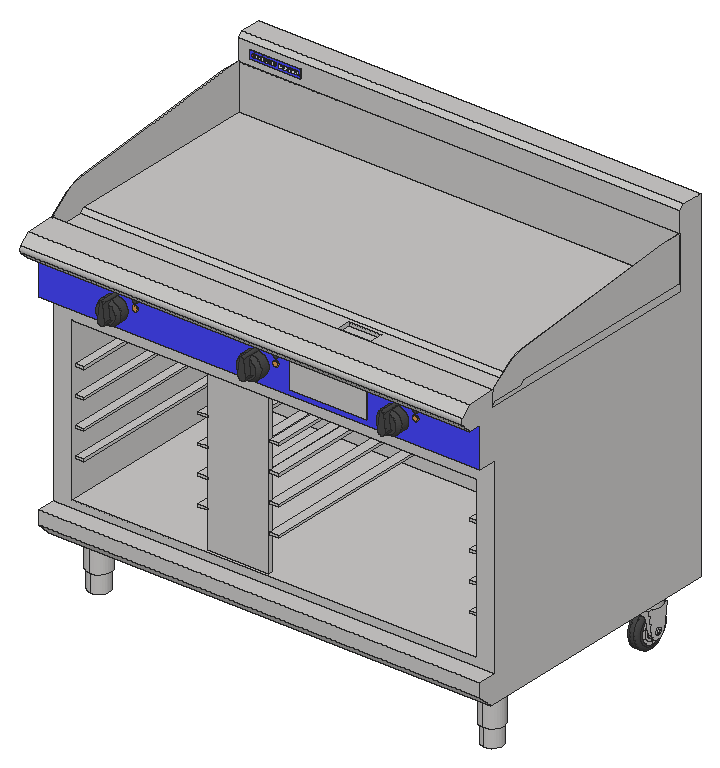
Revit family "QF_MOFFAT_BLUESEAL_AU_EP518-CB", category Specialty Equipment, Revit 2012
Parameters
  Weight in Pounds = 396  # constant formula
  Watts = 16200 W
  Volts = 400 V
  URL Cutsheet = "www.moffat.com"
  URL = "www.moffat.com"
  Type Mark [instance] = ""
  Status [instance] = ""
  Specification by User [instance] = ""
  Specification by Manufacturer = ""
  Show Logo [instance] = yes
  Show Casters [instance] = yes
  Serial Number = ""
  Seismic Rating = ""
  SMACNA No = ""
  Revision Code [instance] = ""
  Phase = 3
  Omniclass Number and Title = ""
  Number of Poles [instance] = 1
  NAFEM Spec ID Number = ""
  Model = "EP518-CB"
  Min Ckt Ampacity = 0 A
  Max Overcurrent Protection = 0 A
  Masterspec = ""
  Manufacturer = "MOFFAT BLUESEAL"
  Legs [instance] = not(Show Casters)  # no
  Item Number [instance] = ""
  Installed By [instance] = ""
  Identify Quantity as Lot [instance] = yes
  HP = ""
  Furnished By [instance] = ""
  Foodservice Equipment Identifier [instance] = yes
  FL Amps = 25 A
  Electrical Remarks = "25A PER PHASE"
  Electric Connection Type = ""
  Elec Conn RI Height = 0.0 mm
  Elec Conn Connection Height = 0.0 mm
  Description = "1200MM ELECTRIC GRIDDLE PLATE ON CABINET BASE"
  Cycle = 50 Hz
  Conn Plug = ""
  Conn Conduit = yes
  CSI MasterFormat = ""
  CSI Master Format = ""
  Body Height [instance] = 915.0 mm
  Base Height [instance] = 150.0 mm
  Apparent Power = if(Phase = 3, Volts * FL Amps * 1.73, Volts * FL Amps)  # 17300 VA
Reference planes
  plane 1 "BACK": y = 0
  plane 2: z = 0
  plane 3 "LEFT": x = 0
  plane 4 "RIGHT": x = 1200
  plane 5 "FRONT": y = -812
  plane 6 "TOP": z = 970
  plane 7 "Center Y": x = 600
  plane 8 "Center X": y = -406
  plane 9 "Base Height": z = 150
  plane 10: x = 1134
  plane 11: x = 65
  plane 12: z = 915
  plane 13: z = 1085
  plane 14: y = -100
  plane 15: y = -625
Forms (mm)
  Extrusion 1, solid, material "QF_Finishes_Stainless Steel"
    sketch origin (0, 0, 0) x (0, 1, 0) y (0, 0, 1)
      loop
        line (0, 150) -> (0, 1085) -> (-57.5, 1085) -> (-70, 1072.5) -> (-70, 875) -> (-705, 875) -> (-705, 915) -> (-783.97, 915) -> (-808.485, 890.485)
        arc (-808.485, 890.485) -> (-811.999, 882) -> (-808.485, 873.515) r 12
        line (-808.485, 873.515) -> (-784.97, 850) -> (-749, 850) -> (-749, 740) -> (-135.7, 740) -> (-135.7, 150) -> (0, 150)
      loop
        line (-699, 222.5) -> (-749, 222.5) -> (-749, 186) -> (-713, 150) -> (-699, 150) -> (-699, 222.5)
    from 0 to 1200
  Extrusion 2, solid, material "QF_Finishes_Stainless Steel"
    sketch origin (705, 3, 100) x (1, 0, 0) y (0, 1, 0)
      loop
        circle (365, -35) r 13.5
    from 555 to 599.856
  Revolve 3, solid, material "QF_Finishes_Stainless Steel"
    sketch origin (65, -728, 0) x (0, 1, 0) y (0, 0, 1)
      loop
        line (71.25, 150) -> (71.25, 50) -> (75.5, 50) -> (75.5, 0) -> (103, 0) -> (103, 150) -> (71.25, 150)
      axis (103, 150) -> (103, 0)
    angle from 0 to 360
  Revolve 4, solid, material "QF_Finishes_Stainless Steel"
    sketch origin (1134, -728, 0) x (0, 1, 0) y (0, 0, -1)
      loop
        line (71.25, -150) -> (103, -150) -> (103, 0) -> (75.5, 0) -> (75.5, -50) -> (71.25, -50) -> (71.25, -150)
      axis (103, -150) -> (103, 0)
    angle from 0 to 360
  Extrusion 5, solid, material "QF_Finishes_Stainless Steel"
    sketch origin (0, 0, 0) x (1, 0, 0) y (0, 0, 1)
      loop
        line (0, 740) -> (0, 150) -> (1200, 150) -> (1200, 740) -> (0, 740)
      loop
        line (50, 680) -> (50, 242.5) -> (1150, 242.5) -> (1150, 680) -> (50, 680)
    from 135.7 to 699
  Extrusion 6, void
    sketch origin (0, 0, 150) x (-1, 0, 0) y (0, -1, 0)
      loop
        line (-1133.988, 87.26) -> (-1133.988, -30.24) -> (-1004.488, -30.24) -> (-1004.488, 38.76) -> (-1052.988, 87.26) -> (-1133.988, 87.26)
    from 72.5 to 549.856
  Extrusion 7, solid, material "QF_Finishes_Stainless Steel"
    sketch origin (0, -135.7, 735) x (0, 0, 1) y (-1, 0, 0)
      loop
        line (-50, -578.5) -> (-50, -412.5) -> (-492.5, -412.5) -> (-492.5, -578.5) -> (-50, -578.5)
    from 543.302 to 553.302
  Extrusion 8, solid, material "QF_Finishes_Stainless Steel"
    sketch origin (0, -135.7, 735) x (0, 0, 1) y (-1, 0, 0)
      loop
        line (-246.25, -410.75) -> (-239.9, -410.75) -> (-239.9, -385.75) -> (-246.25, -385.75) -> (-246.25, -410.75)
      loop
        line (-321.25, -410.75) -> (-314.9, -410.75) -> (-314.9, -385.75) -> (-321.25, -385.75) -> (-321.25, -410.75)
      loop
        line (-321.25, -50) -> (-321.25, -75) -> (-314.9, -75) -> (-314.9, -50) -> (-321.25, -50)
      loop
        line (-239.9, -75) -> (-239.9, -50) -> (-246.25, -50) -> (-246.25, -75) -> (-239.9, -75)
      loop
        line (-396.25, -410.75) -> (-389.9, -410.75) -> (-389.9, -385.75) -> (-396.25, -385.75) -> (-396.25, -410.75)
      loop
        line (-396.25, -50) -> (-396.25, -75) -> (-389.9, -75) -> (-389.9, -50) -> (-396.25, -50)
      loop
        line (-171.25, -410.75) -> (-164.9, -410.75) -> (-164.9, -385.75) -> (-171.25, -385.75) -> (-171.25, -410.75)
      loop
        line (-164.9, -75) -> (-164.9, -50) -> (-171.25, -50) -> (-171.25, -75) -> (-164.9, -75)
      loop
        line (-246.25, -579.25) -> (-246.25, -604.25) -> (-239.9, -604.25) -> (-239.9, -579.25) -> (-246.25, -579.25)
      loop
        line (-321.25, -579.25) -> (-321.25, -604.25) -> (-314.9, -604.25) -> (-314.9, -579.25) -> (-321.25, -579.25)
      loop
        line (-321.25, -1150) -> (-314.9, -1150) -> (-314.9, -1125) -> (-321.25, -1125) -> (-321.25, -1150)
      loop
        line (-239.9, -1125) -> (-246.25, -1125) -> (-246.25, -1150) -> (-239.9, -1150) -> (-239.9, -1125)
      loop
        line (-396.25, -579.25) -> (-396.25, -604.25) -> (-389.9, -604.25) -> (-389.9, -579.25) -> (-396.25, -579.25)
      loop
        line (-396.25, -1150) -> (-389.9, -1150) -> (-389.9, -1125) -> (-396.25, -1125) -> (-396.25, -1150)
      loop
        line (-171.25, -579.25) -> (-171.25, -604.25) -> (-164.9, -604.25) -> (-164.9, -579.25) -> (-171.25, -579.25)
      loop
        line (-164.9, -1125) -> (-171.25, -1125) -> (-171.25, -1150) -> (-164.9, -1150) -> (-164.9, -1125)
    from 0 to 553.302
  Revolve 9, solid, material "QF_Finishes_Black"
    sketch origin (217.5, 7, 757.8) x (0, 1, 0) y (0, 0, -1)
      loop
        line (-789, -69.5) -> (-766, -69.5) -> (-766, -42) -> (-756, -42) -> (-756, -37) -> (-800, -37) -> (-800, -63.651) -> (-789, -69.5)
      axis (-800, -37) -> (-756, -37)
    angle from 0 to 360
  Extrusion 10, solid, material "QF_Finishes_Black"
    sketch origin (355.77, 0, 757.958) x (-1, 0, 0) y (0, 0, -1)
      loop
        line (127.85, -26.064) -> (133.27, -68.983)
        arc (133.27, -68.983) -> (138.269, -73.87) -> (143.267, -68.983) r 5
        line (143.267, -68.983) -> (148.756, -24.898)
        arc (148.756, -24.898) -> (137.684, -14.399) -> (127.85, -26.064) r 10.487
    from 759 to 808
  Revolve 11, solid, material "QF_Finishes_Black"
    sketch origin (600, 7, 757.8) x (0, 1, 0) y (0, 0, -1)
      loop
        line (-789, -69.5) -> (-766, -69.5) -> (-766, -42) -> (-756, -42) -> (-756, -37) -> (-800, -37) -> (-800, -63.651) -> (-789, -69.5)
      axis (-800, -37) -> (-756, -37)
    angle from 0 to 360
  Extrusion 12, solid, material "QF_Finishes_Black"
    sketch origin (738.27, 0, 757.958) x (-1, 0, 0) y (0, 0, -1)
      loop
        line (127.85, -26.064) -> (133.27, -68.983)
        arc (133.27, -68.983) -> (138.269, -73.87) -> (143.267, -68.983) r 5
        line (143.267, -68.983) -> (148.756, -24.898)
        arc (148.756, -24.898) -> (137.684, -14.399) -> (127.85, -26.064) r 10.487
    from 759 to 808
  Revolve 13, solid, material "QF_Finishes_Stainless Steel", visible <- "Legs"
    sketch origin (65.5, -166, 0) x (0, 1, 0) y (0, 0, 1)
      loop
        line (34.25, 150) -> (34.25, 50) -> (38.5, 50) -> (38.5, 0) -> (66, 0) -> (66, 150) -> (34.25, 150)
      axis (66, 150) -> (66, 0)
    angle from 0 to 360
  Revolve 14, solid, material "QF_Finishes_Stainless Steel", visible <- "Show Casters"
    sketch origin (16.276, -100.755, -12.8) x (1, 0, 0) y (0, 0, 1)
      loop
        line (14.841, 63.604) -> (83.584, 63.604) -> (83.584, 67.109) -> (82.314, 68.379) -> (80.79, 68.379) -> (80.79, 71.826) -> (68.644, 71.826) -> (68.644, 81.79) -> (65.088, 83.843) -> (63.738, 92.179) -> (65.881, 92.179) -> (65.881, 98.529) -> (65.088, 98.529) -> (65.088, 104.879)
        arc (65.088, 104.879) -> (62.298, 111.614) -> (55.563, 114.404) r 9.525
        line (55.563, 114.404) -> (42.863, 114.404)
        arc (42.863, 114.404) -> (36.127, 111.614) -> (33.338, 104.879) r 9.525
        line (33.338, 104.879) -> (33.338, 98.529) -> (32.544, 98.529) -> (32.544, 92.179) -> (34.687, 92.179) -> (33.352, 83.932) -> (29.782, 81.871) -> (29.782, 71.826) -> (17.635, 71.826) -> (17.635, 68.379) -> (16.111, 68.379) -> (14.841, 67.109) -> (14.841, 63.604)
      axis (14.841, 63.604) -> (83.584, 63.604)
    angle from 0 to 360
  Extrusion 15, solid, material "QF_Finishes_Stainless Steel", visible <- "Show Casters"
    sketch origin (72.001, 132.353, -8.783) x (0, 1, 0) y (0, 0, 1)
      loop
        line (-200.603, 118.783) -> (-264.103, 118.783) -> (-251.746, 53.895)
        arc (-251.746, 53.895) -> (-232.353, 38.783) -> (-212.959, 53.895) r 20
        line (-212.959, 53.895) -> (-200.603, 118.783)
    from -35.667 to 22.923
  Revolve 16, solid, material "QF_Finishes_Stainless Steel", visible <- "Show Casters"
    sketch origin (65.5, -204, 0) x (0, 1, 0) y (0, 0, 1)
      loop
        line (68.25, 150) -> (68.25, 110) -> (104, 110) -> (104, 150) -> (68.25, 150)
      axis (104, 150) -> (104, 110)
    angle from 0 to 360
  Revolve 17, solid, material "QF_Finishes_Stainless Steel", visible <- "Legs"
    sketch origin (65.5, -166, 0) x (0, 1, 0) y (0, 0, 1)
      loop
        line (34.25, 150) -> (34.25, 50) -> (38.5, 50) -> (38.5, 0) -> (66, 0) -> (66, 150) -> (34.25, 150)
      axis (66, 150) -> (66, 0)
    angle from 0 to 360
  Revolve 18, solid, material "QF_Finishes_Stainless Steel", visible <- "Legs"
    sketch origin (1134.5, -166, 0) x (0, 1, 0) y (0, 0, -1)
      loop
        line (34.25, -150) -> (66, -150) -> (66, 0) -> (38.5, 0) -> (38.5, -50) -> (34.25, -50) -> (34.25, -150)
      axis (66, -150) -> (66, 0)
    angle from 0 to 360
  Revolve 19, solid, material "QF_Finishes_Stainless Steel", visible <- "Show Casters"
    sketch origin (1183.724, -100.755, -12.8) x (-1, 0, 0) y (0, 0, -1)
      loop
        line (14.841, -63.604) -> (14.841, -67.109) -> (16.111, -68.379) -> (17.635, -68.379) -> (17.635, -71.826) -> (29.782, -71.826) -> (29.782, -81.871) -> (33.352, -83.932) -> (34.687, -92.179) -> (32.544, -92.179) -> (32.544, -98.529) -> (33.338, -98.529) -> (33.338, -104.879)
        arc (33.338, -104.879) -> (36.127, -111.614) -> (42.863, -114.404) r 9.525
        line (42.863, -114.404) -> (55.563, -114.404)
        arc (55.563, -114.404) -> (62.298, -111.614) -> (65.088, -104.879) r 9.525
        line (65.088, -104.879) -> (65.088, -98.529) -> (65.881, -98.529) -> (65.881, -92.179) -> (63.738, -92.179) -> (65.088, -83.843) -> (68.644, -81.79) -> (68.644, -71.826) -> (80.79, -71.826) -> (80.79, -68.379) -> (82.314, -68.379) -> (83.584, -67.109) -> (83.584, -63.604) -> (14.841, -63.604)
      axis (14.841, -63.604) -> (83.584, -63.604)
    angle from 0 to 360
  Extrusion 20, solid, material "QF_Finishes_Stainless Steel", visible <- "Show Casters"
    sketch origin (1127.999, 132.353, -8.783) x (0, 1, 0) y (0, 0, -1)
      loop
        line (-200.603, -118.783) -> (-212.959, -53.895)
        arc (-212.959, -53.895) -> (-232.353, -38.783) -> (-251.746, -53.895) r 20
        line (-251.746, -53.895) -> (-264.103, -118.783) -> (-200.603, -118.783)
    from -35.667 to 22.923
  Revolve 21, solid, material "QF_Finishes_Stainless Steel", visible <- "Show Casters"
    sketch origin (1134.5, -204, 0) x (0, 1, 0) y (0, 0, -1)
      loop
        line (68.25, -150) -> (104, -150) -> (104, -110) -> (68.25, -110) -> (68.25, -150)
      axis (104, -150) -> (104, -110)
    angle from 0 to 360
  Revolve 22, solid, material "QF_Finishes_Stainless Steel", visible <- "Legs"
    sketch origin (1134.5, -166, 0) x (0, 1, 0) y (0, 0, -1)
      loop
        line (34.25, -150) -> (66, -150) -> (66, 0) -> (38.5, 0) -> (38.5, -50) -> (34.25, -50) -> (34.25, -150)
      axis (66, -150) -> (66, 0)
    angle from 0 to 360
  Extrusion 23, solid, material "QF_Finishes_Orange"
    sketch origin (0, -749, 850) x (0, 0, -1) y (1, 0, 0)
      loop
        circle (45.2, 1025.121) r 7.15
      loop
        circle (45.2, 645.005) r 7.15
      loop
        circle (45.2, 262.505) r 7.15
    from 0 to 1
  Revolve 24, solid, material "QF_Finishes_Black"
    sketch origin (980.116, 7, 757.8) x (0, 1, 0) y (0, 0, -1)
      loop
        line (-789, -69.5) -> (-766, -69.5) -> (-766, -42) -> (-756, -42) -> (-756, -37) -> (-800, -37) -> (-800, -63.651) -> (-789, -69.5)
      axis (-800, -37) -> (-756, -37)
    angle from 0 to 360
  Extrusion 25, solid, material "QF_Finishes_Black"
    sketch origin (1118.385, 0, 757.958) x (-1, 0, 0) y (0, 0, -1)
      loop
        line (127.85, -26.064) -> (133.27, -68.983)
        arc (133.27, -68.983) -> (138.269, -73.87) -> (143.267, -68.983) r 5
        line (143.267, -68.983) -> (148.756, -24.898)
        arc (148.756, -24.898) -> (137.684, -14.399) -> (127.85, -26.064) r 10.487
    from 759 to 808
  Extrusion 26, solid, material "QF_Finishes_Black"
    sketch origin (0, -749, 850) x (0, 0, -1) y (1, 0, 0)
      loop
        circle (25.2, 1025.121) r 7.15
      loop
        circle (25.2, 645.005) r 7.15
      loop
        circle (25.2, 262.505) r 7.15
    from 0 to 1
  Extrusion 27, solid, material "QF_Finishes_Stainless Steel"
    sketch origin (0, -749, 850) x (0, 0, -1) y (1, 0, 0)
      loop
        line (9.201, 893) -> (9.201, 683) -> (96.1, 683) -> (96.1, 893) -> (9.201, 893)
    from 0 to 1
  Extrusion 28, solid, material "QF_Finishes_Black"
    sketch origin (0, -750, 850) x (0, 0, -1) y (1, 0, 0)
      loop
        line (9.201, 893) -> (9.201, 683) -> (14.201, 683) -> (14.201, 893) -> (9.201, 893)
    from 0 to 10
Cuts and joins
  Extrusion 6 cuts Extrusion 1
  joined: Extrusion 1, Extrusion 5
Lines and regions (mm)
  Split face 1
    outline origin (1200, 0, 1085) x (-1, 0, 0) y (0, -1, 0)
      loop
        arc (1167.206, 18.385) -> (1175.866, 23.385) -> (1175.866, 33.385) r 10
        line (1175.866, 33.385) -> (1171.824, 40.385)
        arc (1171.824, 40.385) -> (1168.164, 44.045) -> (1163.164, 45.385) r 10
        line (1163.164, 45.385) -> (935.206, 45.385)
        arc (935.206, 45.385) -> (926.545, 40.385) -> (926.545, 30.385) r 10
        line (926.545, 30.385) -> (930.587, 23.385)
        arc (930.587, 23.385) -> (934.247, 19.725) -> (939.247, 18.385) r 10
        line (939.247, 18.385) -> (1167.206, 18.385)
  Split face 2
    outline origin (1200, 0, 1085) x (-1, 0, 0) y (0, -1, 0)
      loop
        arc (35.206, 45.385) -> (26.545, 40.385) -> (26.545, 30.385) r 10
        line (26.545, 30.385) -> (30.587, 23.385)
        arc (30.587, 23.385) -> (34.247, 19.725) -> (39.247, 18.385) r 10
        line (39.247, 18.385) -> (267.206, 18.385)
        arc (267.206, 18.385) -> (275.866, 23.385) -> (275.866, 33.385) r 10
        line (275.866, 33.385) -> (271.824, 40.385)
        arc (271.824, 40.385) -> (268.164, 44.045) -> (263.164, 45.385) r 10
        line (263.164, 45.385) -> (35.206, 45.385)
  Split face 3
    outline origin (1200, 0, 1085) x (-1, 0, 0) y (0, -1, 0)
      loop
        arc (335.206, 45.385) -> (326.545, 40.385) -> (326.545, 30.385) r 10
        line (326.545, 30.385) -> (330.587, 23.385)
        arc (330.587, 23.385) -> (334.247, 19.725) -> (339.247, 18.385) r 10
        line (339.247, 18.385) -> (567.206, 18.385)
        arc (567.206, 18.385) -> (575.866, 23.385) -> (575.866, 33.385) r 10
        line (575.866, 33.385) -> (571.824, 40.385)
        arc (571.824, 40.385) -> (568.164, 44.045) -> (563.164, 45.385) r 10
        line (563.164, 45.385) -> (335.206, 45.385)
  Split face 4
    outline origin (1200, 0, 1085) x (-1, 0, 0) y (0, -1, 0)
      loop
        arc (867.206, 18.385) -> (875.866, 23.385) -> (875.866, 33.385) r 10
        line (875.866, 33.385) -> (871.824, 40.385)
        arc (871.824, 40.385) -> (868.164, 44.045) -> (863.164, 45.385) r 10
        line (863.164, 45.385) -> (635.206, 45.385)
        arc (635.206, 45.385) -> (626.545, 40.385) -> (626.545, 30.385) r 10
        line (626.545, 30.385) -> (630.587, 23.385)
        arc (630.587, 23.385) -> (634.247, 19.725) -> (639.247, 18.385) r 10
        line (639.247, 18.385) -> (867.206, 18.385)
  symbolic lines
    curve 1: line (1200, -812, 0) -> (1200, 0, 0)
    curve 2: line (0, -812, 0) -> (1200, -812, 0)
    curve 3: line (0, 0, 0) -> (0, -812, 0)
    curve 12: line (632.794, -18.385, 0) -> (860.753, -18.385, 0)
    curve 13: line (560.753, -18.385, 0) -> (332.794, -18.385, 0)
    curve 14: arc (332.794, -18.385, 0) -> (324.134, -23.385, 0) -> (324.134, -33.385, 0) r 10
    curve 15: line (324.134, -33.385, 0) -> (328.176, -40.385, 0)
    curve 16: arc (328.176, -40.385, 0) -> (331.836, -44.045, 0) -> (336.836, -45.385, 0) r 10
    curve 17: line (336.836, -45.385, 0) -> (564.794, -45.385, 0)
    curve 18: arc (564.794, -45.385, 0) -> (573.455, -40.385, 0) -> (573.455, -30.385, 0) r 10
    curve 19: line (573.455, -30.385, 0) -> (569.413, -23.385, 0)
    curve 20: arc (569.413, -23.385, 0) -> (565.753, -19.725, 0) -> (560.753, -18.385, 0) r 10
    curve 21: line (32.794, -18.385, 0) -> (260.753, -18.385, 0)
    curve 22: arc (260.753, -18.385, 0) -> (265.753, -19.725, 0) -> (269.413, -23.385, 0) r 10
    curve 23: line (269.413, -23.385, 0) -> (273.455, -30.385, 0)
    curve 24: arc (273.455, -30.385, 0) -> (273.455, -40.385, 0) -> (264.794, -45.385, 0) r 10
    curve 25: line (264.794, -45.385, 0) -> (36.836, -45.385, 0)
    curve 26: arc (36.836, -45.385, 0) -> (31.836, -44.045, 0) -> (28.176, -40.385, 0) r 10
    curve 27: line (28.176, -40.385, 0) -> (24.134, -33.385, 0)
    curve 28: arc (24.134, -33.385, 0) -> (24.134, -23.385, 0) -> (32.794, -18.385, 0) r 10
    curve 29: line (932.794, -18.385, 0) -> (1160.753, -18.385, 0)
    curve 30: arc (1160.753, -18.385, 0) -> (1165.753, -19.725, 0) -> (1169.413, -23.385, 0) r 10
    curve 31: line (1169.413, -23.385, 0) -> (1173.455, -30.385, 0)
    curve 32: arc (1173.455, -30.385, 0) -> (1173.455, -40.385, 0) -> (1164.794, -45.385, 0) r 10
    curve 33: line (1164.794, -45.385, 0) -> (936.836, -45.385, 0)
    curve 34: arc (936.836, -45.385, 0) -> (931.836, -44.045, 0) -> (928.176, -40.385, 0) r 10
    curve 35: line (928.176, -40.385, 0) -> (924.134, -33.385, 0)
    curve 36: arc (924.134, -33.385, 0) -> (924.134, -23.385, 0) -> (932.794, -18.385, 0) r 10
    curve 37: line (636.836, -45.385, 0) -> (864.794, -45.385, 0)
    curve 38: arc (864.794, -45.385, 0) -> (873.455, -40.385, 0) -> (873.455, -30.385, 0) r 10
    curve 39: line (873.455, -30.385, 0) -> (869.413, -23.385, 0)
    curve 40: arc (869.413, -23.385, 0) -> (865.753, -19.725, 0) -> (860.753, -18.385, 0) r 10
    curve 41: line (860.753, -18.385, 0) -> (632.794, -18.385, 0)
    curve 42: arc (632.794, -18.385, 0) -> (624.134, -23.385, 0) -> (624.134, -33.385, 0) r 10
    curve 43: line (624.134, -33.385, 0) -> (628.176, -40.385, 0)
    curve 44: arc (628.176, -40.385, 0) -> (631.836, -44.045, 0) -> (636.836, -45.385, 0) r 10
    curve 45: line (0, 0, 0) -> (1200, 0, 0)
    curve 46: line (0, -783.97, 0) -> (1200, -783.97, 0)
    curve 47: line (-1, -705, 0) -> (1199, -705, 0)
    curve 48: line (0, -70, 0) -> (1200, -70, 0)
    curve 49: line (0, -57.5, 0) -> (1200, -57.5, 0)
  symbolic lines, style "SpecialityEquipmentHiddenLines", visible <- "Show Casters"
    curve 4: line (78.456, -46.735, 0) -> (105.952, -62.61, 0)
    curve 5: line (27.656, -134.723, 0) -> (78.456, -46.735, 0)
    curve 6: line (55.152, -150.598, 0) -> (27.656, -134.723, 0)
    curve 7: line (105.952, -62.61, 0) -> (55.152, -150.598, 0)
    curve 8: line (1148.456, -46.735, 0) -> (1175.952, -62.61, 0)
    curve 9: line (1097.656, -134.723, 0) -> (1148.456, -46.735, 0)
    curve 10: line (1125.152, -150.598, 0) -> (1097.656, -134.723, 0)
    curve 11: line (1175.952, -62.61, 0) -> (1125.152, -150.598, 0)
Dimensions and locks
  equal spacing: plane 3 "LEFT", plane 7 "Center Y", plane 4 "RIGHT"
  plane 3 "LEFT" to plane 4 "RIGHT" = 1200.0 mm
  equal spacing: plane 5 "FRONT", plane 8 "Center X", plane 1 "BACK"
  plane 5 "FRONT" to plane 1 "BACK" = 812.0 mm
  "Base Height": plane 9 "Base Height" to level
  plane 6 "TOP" to level = 970.0 mm
  plane 10 to plane 11 = 1069.0 mm
  level to Extrusion 2 = 655.0 mm
  Extrusion 6 to Extrusion 6 = 477.356 mm
  plane 13 to plane 2 = 1085.0 mm
  Extrusion 2 sketch curve to plane 1 "BACK" = 32.0 mm
  Revolve 14 sketch curve to Revolve 14 sketch curve = 50.8 mm
  Revolve 19 sketch curve to Revolve 19 sketch curve = 50.8 mm
  aligned and locked: level to plane 2
Automatic sketch dimensions
  curve 2 to plane 3 "LEFT" = 0.0 mm
  curve 2 to plane 4 "RIGHT" = 0.0 mm
  plane 5 "FRONT" to curve 3 = 0.0 mm
  plane 1 "BACK" to curve 3 = 0.0 mm
  curve 47 to plane 3 "LEFT" = 1.0 mm
  plane 3 "LEFT" to curve 27 = 24.134 mm
  plane 3 "LEFT" to curve 5 = 27.656 mm
  curve 28 to curve 27 = 4.041 mm
  curve 28 to curve 28 = 8.66 mm
  curve 26 to curve 25 = 8.66 mm
  curve 7 to plane 11 = 9.848 mm
  plane 11 to curve 4 = 13.456 mm
  plane 1 "BACK" to curve 22 = 28.385 mm
  curve 4 to curve 22 = 154.801 mm
  curve 22 to curve 25 = 4.041 mm
  plane 1 "BACK" to curve 23 = 23.385 mm
  curve 22 to curve 23 = 8.66 mm
  plane 1 "BACK" to curve 23 = 30.385 mm
  curve 22 to curve 23 = 4.041 mm
  curve 23 to curve 14 = 50.679 mm
  plane 1 "BACK" to curve 15 = 40.385 mm
  curve 15 to curve 15 = 4.041 mm
  curve 14 to curve 13 = 8.66 mm
  curve 15 to curve 17 = 8.66 mm
  curve 20 to plane 7 "Center Y" = 39.247 mm
  curve 20 to curve 17 = 4.041 mm
  curve 20 to curve 19 = 8.66 mm
  curve 19 to curve 18 = 4.041 mm
  plane 7 "Center Y" to curve 42 = 24.134 mm
  curve 42 to curve 44 = 4.041 mm
  curve 43 to curve 42 = 8.66 mm
  curve 44 to curve 37 = 8.66 mm
  plane 1 "BACK" to curve 40 = 18.385 mm
  curve 44 to curve 40 = 223.917 mm
  curve 40 to curve 38 = 4.041 mm
  curve 40 to curve 40 = 8.66 mm
  curve 39 to curve 38 = 4.041 mm
  plane 1 "BACK" to curve 35 = 33.385 mm
  curve 39 to curve 35 = 50.679 mm
  plane 1 "BACK" to curve 35 = 40.385 mm
  curve 36 to curve 35 = 4.041 mm
  curve 36 to curve 36 = 8.66 mm
  curve 36 to curve 34 = 4.041 mm
  curve 10 to plane 10 = 36.344 mm
  curve 11 to plane 10 = 8.848 mm
  plane 10 to curve 8 = 14.456 mm
  plane 10 to curve 29 = 26.753 mm
  curve 8 to curve 33 = 16.339 mm
  curve 29 to curve 30 = 8.66 mm
  curve 31 to curve 31 = 4.041 mm
  plane 4 "RIGHT" to curve 47 = 1.0 mm
  curve 46 to plane 5 "FRONT" = 28.03 mm
  curve 46 to curve 47 = 78.97 mm
  plane 14 to curve 7 = 50.598 mm
  plane 14 to curve 10 = 50.598 mm
  curve 10 to curve 10 = 15.875 mm
  curve 6 to curve 5 = 15.875 mm
  curve 48 to plane 14 = 30.0 mm
  curve 48 to curve 49 = 12.5 mm
  curve 37 to curve 12 = 27.0 mm
  curve 25 to curve 21 = 27.0 mm
  curve 16 to curve 15 = 5.0 mm
  curve 34 to curve 34 = 5.0 mm
  curve 25 to curve 27 = 5.0 mm
  curve 37 to curve 44 = 5.0 mm
  curve 33 to curve 32 = 10.0 mm
  curve 17 to curve 18 = 10.0 mm
  curve 37 to curve 38 = 10.0 mm
  curve 26 to curve 27 = 7.0 mm
  curve 16 to curve 14 = 7.0 mm  (x2)
  curve 43 to curve 43 = 7.0 mm
  curve 38 to curve 40 = 7.0 mm
  curve 18 to curve 20 = 7.0 mm
  curve 34 to curve 36 = 7.0 mm
  curve 32 to curve 30 = 7.0 mm
  Extrusion 1 sketch curve to plane 12 = 0.0 mm
  Extrusion 1 sketch curve to plane 9 "Base Height" = 0.0 mm  (x2)
  Extrusion 1 sketch curve to plane 13 = 0.0 mm
  Extrusion 1 sketch curve to plane 1 "BACK" = 0.0 mm
  Extrusion 1 sketch curve to plane 14 = 42.5 mm
  Extrusion 1 sketch curve to plane 13 = 12.5 mm
  Extrusion 1 sketch curve to Extrusion 1 sketch curve = 12.5 mm
  plane 14 to Extrusion 1 sketch curve = 35.7 mm
  plane 15 to Extrusion 1 sketch curve = 74.0 mm
  Extrusion 1 sketch curve to plane 12 = 40.0 mm
  plane 15 to Extrusion 1 sketch curve = 80.0 mm
  Extrusion 1 sketch curve to Extrusion 1 sketch curve = 14.0 mm
  Extrusion 1 sketch curve to plane 5 "FRONT" = 63.0 mm
  Extrusion 1 sketch curve to Extrusion 1 sketch curve = 50.0 mm
  Extrusion 1 sketch curve to plane 5 "FRONT" = 28.03 mm
  Extrusion 1 sketch curve to plane 5 "FRONT" = 27.03 mm
  Extrusion 1 sketch curve to plane 5 "FRONT" = 12.001 mm
  Extrusion 1 sketch curve to plane 5 "FRONT" = 3.515 mm  (x2)
  plane 9 "Base Height" to Extrusion 1 sketch curve = 36.0 mm
  Extrusion 1 sketch curve to Extrusion 1 sketch curve = 36.5 mm
  Extrusion 1 sketch curve to Extrusion 1 sketch curve = 135.0 mm
  Extrusion 1 sketch curve to Extrusion 1 sketch curve = 25.0 mm
  Extrusion 1 sketch curve to Extrusion 1 sketch curve = 23.515 mm
  Extrusion 1 sketch curve to Extrusion 1 sketch curve = 8.485 mm
  Extrusion 2 sketch curve to plane 10 = 64.0 mm
  Revolve 3 sketch curve to plane 9 "Base Height" = 0.0 mm
  Revolve 3 sketch curve to level = 0.0 mm
  Revolve 3 sketch curve to plane 15 = 0.0 mm  (x2)
  plane 15 to Revolve 3 sketch curve = 27.5 mm
  plane 15 to Revolve 3 sketch curve = 31.75 mm
  Revolve 3 sketch curve to Revolve 3 sketch curve = 55.0 mm
  level to Revolve 3 sketch curve = 50.0 mm
  Revolve 3 sketch curve to Revolve 3 sketch curve = 0.0 mm
  Revolve 4 sketch curve to plane 9 "Base Height" = 0.0 mm
  Revolve 4 sketch curve to level = 0.0 mm
  Revolve 4 sketch curve to plane 15 = 0.0 mm  (x2)
  plane 15 to Revolve 4 sketch curve = 27.5 mm
  plane 15 to Revolve 4 sketch curve = 31.75 mm
  level to Revolve 4 sketch curve = 50.0 mm
  Revolve 4 sketch curve to Revolve 4 sketch curve = 0.0 mm
  Revolve 4 sketch curve to Revolve 4 sketch curve = 55.0 mm
  Extrusion 5 sketch curve to plane 3 "LEFT" = 0.0 mm
  plane 4 "RIGHT" to Extrusion 5 sketch curve = 0.0 mm
  Extrusion 5 sketch curve to plane 9 "Base Height" = 0.0 mm
  Extrusion 5 sketch curve to plane 11 = 15.0 mm
  plane 10 to Extrusion 5 sketch curve = 16.0 mm
  plane 9 "Base Height" to Extrusion 5 sketch curve = 92.5 mm
  Extrusion 5 sketch curve to plane 12 = 235.0 mm
  Extrusion 5 sketch curve to Extrusion 5 sketch curve = 60.0 mm
  Extrusion 6 sketch curve to plane 10 = 0.012 mm
  Extrusion 6 sketch curve to plane 14 = 12.74 mm
  Extrusion 6 sketch curve to Extrusion 6 sketch curve = 81.0 mm
  Extrusion 6 sketch curve to Extrusion 6 sketch curve = 48.5 mm
  plane 1 "BACK" to Extrusion 6 sketch curve = 38.76 mm
  Extrusion 6 sketch curve to plane 1 "BACK" = 30.24 mm
  Extrusion 7 sketch curve to Extrusion 1 = 92.5 mm
  Extrusion 1 to Extrusion 7 sketch curve = 55.0 mm
  Extrusion 1 to Extrusion 7 sketch curve = 578.5 mm
  Extrusion 7 sketch curve to Extrusion 7 sketch curve = 166.0 mm
  Extrusion 1 to Extrusion 8 sketch curve = 75.0 mm  (x2)
  Extrusion 8 sketch curve to Extrusion 1 = 188.75 mm  (x3)
  Extrusion 8 sketch curve to Extrusion 8 sketch curve = 0.0 mm  (x9)
  Extrusion 1 to Extrusion 8 sketch curve = 50.0 mm  (x4)
  Extrusion 8 sketch curve to Extrusion 8 sketch curve = 6.35 mm  (x16)
  Extrusion 8 sketch curve to Extrusion 8 sketch curve = 68.65 mm  (x12)
  Extrusion 8 sketch curve to Extrusion 8 sketch curve = 25.0 mm  (x16)
  Extrusion 8 sketch curve to Extrusion 8 sketch curve = 520.75 mm
  Extrusion 8 sketch curve to Extrusion 8 sketch curve = 168.5 mm
  Revolve 9 sketch curve to plane 5 "FRONT" = 19.0 mm
  Revolve 9 sketch curve to Revolve 9 sketch curve = 0.0 mm  (x2)
  Revolve 9 sketch curve to Revolve 9 sketch curve = 11.0 mm
  Revolve 9 sketch curve to Revolve 9 sketch curve = 12.7 mm
  Revolve 9 sketch curve to Revolve 9 sketch curve = 23.0 mm
  Revolve 9 sketch curve to Revolve 9 sketch curve = 10.0 mm
  Revolve 9 sketch curve to plane 12 = 87.7 mm
  Revolve 9 sketch curve to Revolve 9 sketch curve = 5.849 mm
  Revolve 9 sketch curve to Revolve 9 sketch curve = 27.5 mm
  Revolve 9 sketch curve to Revolve 9 sketch curve = 5.0 mm
  Extrusion 10 sketch curve to plane 7 "Center Y" = 372.08 mm
  Extrusion 10 sketch curve to Extrusion 10 sketch curve = 5.421 mm
  Extrusion 10 sketch curve to Extrusion 10 sketch curve = 10.419 mm
  Extrusion 10 sketch curve to Extrusion 10 sketch curve = 4.999 mm  (x2)
  Extrusion 10 sketch curve to plane 12 = 88.059 mm
  Extrusion 10 sketch curve to Extrusion 10 sketch curve = 10.487 mm
  Extrusion 10 sketch curve to Extrusion 10 sketch curve = 0.113 mm
  Extrusion 10 sketch curve to Extrusion 10 sketch curve = 42.919 mm
  Extrusion 10 sketch curve to Extrusion 10 sketch curve = 1.167 mm
  Revolve 11 sketch curve to plane 5 "FRONT" = 19.0 mm
  Revolve 11 sketch curve to Revolve 11 sketch curve = 0.0 mm  (x2)
  Revolve 11 sketch curve to Revolve 11 sketch curve = 11.0 mm
  Revolve 11 sketch curve to Revolve 11 sketch curve = 12.7 mm
  Revolve 11 sketch curve to Revolve 11 sketch curve = 23.0 mm
  Revolve 11 sketch curve to Revolve 11 sketch curve = 10.0 mm
  Revolve 11 sketch curve to plane 12 = 87.7 mm
  Revolve 11 sketch curve to Revolve 11 sketch curve = 5.849 mm
  Revolve 11 sketch curve to Revolve 11 sketch curve = 27.5 mm
  Revolve 11 sketch curve to Revolve 11 sketch curve = 5.0 mm
  plane 7 "Center Y" to Extrusion 12 sketch curve = 10.42 mm
  Extrusion 12 sketch curve to Extrusion 12 sketch curve = 5.421 mm
  Extrusion 12 sketch curve to Extrusion 12 sketch curve = 10.419 mm
  Extrusion 12 sketch curve to Extrusion 12 sketch curve = 4.999 mm  (x2)
  Extrusion 12 sketch curve to Extrusion 12 sketch curve = 10.487 mm
  Extrusion 12 sketch curve to plane 12 = 88.059 mm
  Extrusion 12 sketch curve to Extrusion 12 sketch curve = 0.113 mm
  Extrusion 12 sketch curve to Extrusion 12 sketch curve = 42.919 mm
  Extrusion 12 sketch curve to Extrusion 12 sketch curve = 1.167 mm
  Split face 1 sketch curve to cut or joined group of Extrusion 1, Extrusion 5, Extrusion 6 = 27.115 mm
  Split face 1 sketch curve to cut or joined group of Extrusion 1, Extrusion 5, Extrusion 6 = 273.455 mm
  Split face 1 sketch curve to Split face 1 sketch curve = 4.041 mm  (x4)
  Split face 1 sketch curve to Split face 1 sketch curve = 8.66 mm  (x2)
  Split face 1 sketch curve to cut or joined group of Extrusion 1, Extrusion 5, Extrusion 6 = 12.115 mm
  Split face 1 sketch curve to cut or joined group of Extrusion 1, Extrusion 5, Extrusion 6 = 36.836 mm
  Split face 1 sketch curve to Split face 1 sketch curve = 7.0 mm  (x3)
  Split face 1 sketch curve to Split face 1 sketch curve = 17.0 mm
  Split face 2 sketch curve to cut or joined group of Extrusion 1, Extrusion 5, Extrusion 6 = 26.545 mm
  Split face 2 sketch curve to Split face 2 sketch curve = 4.041 mm  (x4)
  Split face 2 sketch curve to Split face 2 sketch curve = 8.66 mm  (x2)
  Split face 2 sketch curve to cut or joined group of Extrusion 1, Extrusion 5, Extrusion 6 = 22.115 mm
  Split face 2 sketch curve to Split face 2 sketch curve = 223.917 mm
  Split face 2 sketch curve to cut or joined group of Extrusion 1, Extrusion 5, Extrusion 6 = 17.115 mm
  Split face 2 sketch curve to Split face 2 sketch curve = 10.0 mm
  Split face 2 sketch curve to Split face 2 sketch curve = 7.0 mm  (x3)
  Split face 3 sketch curve to cut or joined group of Extrusion 1, Extrusion 5, Extrusion 6 = 27.115 mm
  Split face 3 sketch curve to cut or joined group of Extrusion 1, Extrusion 5, Extrusion 6 = 326.545 mm
  Split face 3 sketch curve to cut or joined group of Extrusion 1, Extrusion 5, Extrusion 6 = 23.385 mm
  Split face 3 sketch curve to Split face 3 sketch curve = 4.041 mm  (x3)
  Split face 3 sketch curve to Split face 3 sketch curve = 8.66 mm  (x3)
  Split face 3 sketch curve to cut or joined group of Extrusion 1, Extrusion 5, Extrusion 6 = 12.115 mm
  Split face 3 sketch curve to Split face 3 sketch curve = 223.917 mm
  Split face 3 sketch curve to cut or joined group of Extrusion 1, Extrusion 5, Extrusion 6 = 17.115 mm
  Split face 3 sketch curve to cut or joined group of Extrusion 1, Extrusion 5, Extrusion 6 = 24.115 mm
  Split face 3 sketch curve to Split face 3 sketch curve = 5.0 mm
  Split face 4 sketch curve to cut or joined group of Extrusion 1, Extrusion 5, Extrusion 6 = 27.115 mm
  Split face 4 sketch curve to cut or joined group of Extrusion 1, Extrusion 5, Extrusion 6 = 573.455 mm
  Split face 4 sketch curve to Split face 4 sketch curve = 4.041 mm  (x4)
  Split face 4 sketch curve to Split face 4 sketch curve = 8.66 mm  (x2)
  Split face 4 sketch curve to cut or joined group of Extrusion 1, Extrusion 5, Extrusion 6 = 12.115 mm
  Split face 4 sketch curve to Split face 4 sketch curve = 223.917 mm
  Split face 4 sketch curve to Split face 4 sketch curve = 7.0 mm  (x3)
  Split face 4 sketch curve to Split face 4 sketch curve = 17.0 mm
  Revolve 13 sketch curve to plane 9 "Base Height" = 0.0 mm
  Revolve 13 sketch curve to level = 0.0 mm
  Revolve 13 sketch curve to plane 14 = 0.0 mm  (x2)
  Revolve 13 sketch curve to Revolve 13 sketch curve = 27.5 mm
  Revolve 13 sketch curve to Revolve 13 sketch curve = 31.75 mm
  Revolve 13 sketch curve to Revolve 13 sketch curve = 55.0 mm
  level to Revolve 13 sketch curve = 50.0 mm
  Revolve 13 sketch curve to Revolve 13 sketch curve = 0.0 mm
  plane 3 "LEFT" to Revolve 14 sketch curve = 31.118 mm
  Revolve 14 sketch curve to Revolve 14 sketch curve = 1.27 mm  (x4)
  Revolve 14 sketch curve to Revolve 14 sketch curve = 1.524 mm  (x2)
  Revolve 14 sketch curve to Revolve 14 sketch curve = 12.146 mm  (x2)
  Revolve 14 sketch curve to plane 11 = 16.18 mm
  Revolve 14 sketch curve to Revolve 14 sketch curve = 0.794 mm  (x2)
  Revolve 14 sketch curve to Revolve 14 sketch curve = 3.57 mm
  Revolve 14 sketch curve to Revolve 14 sketch curve = 2.143 mm
  Revolve 14 sketch curve to plane 11 = 5.861 mm
  plane 11 to Revolve 14 sketch curve = 5.63 mm
  plane 11 to Revolve 14 sketch curve = 6.839 mm
  plane 11 to Revolve 14 sketch curve = 15.015 mm
  Revolve 14 sketch curve to Revolve 14 sketch curve = 1.349 mm  (x2)
  Revolve 14 sketch curve to Revolve 14 sketch curve = 3.556 mm
  Revolve 14 sketch curve to Revolve 14 sketch curve = 33.32 mm
  level to Revolve 14 sketch curve = 50.804 mm
  Revolve 14 sketch curve to Revolve 14 sketch curve = 0.0 mm
  Revolve 14 sketch curve to Revolve 14 sketch curve = 3.505 mm  (x2)
  Revolve 14 sketch curve to Revolve 14 sketch curve = 3.447 mm  (x2)
  Revolve 14 sketch curve to Revolve 14 sketch curve = 9.964 mm
  Revolve 14 sketch curve to Revolve 14 sketch curve = 10.045 mm
  Revolve 14 sketch curve to Revolve 14 sketch curve = 2.053 mm
  Revolve 14 sketch curve to Revolve 14 sketch curve = 2.061 mm
  Revolve 14 sketch curve to Revolve 14 sketch curve = 8.247 mm
  Revolve 14 sketch curve to Revolve 14 sketch curve = 8.336 mm
  Revolve 14 sketch curve to Revolve 14 sketch curve = 6.35 mm  (x2)
  Extrusion 15 sketch curve to plane 14 = 0.0 mm
  plane 14 to Extrusion 15 sketch curve = 19.393 mm
  plane 14 to Extrusion 15 sketch curve = 31.75 mm
  Extrusion 15 sketch curve to plane 14 = 19.393 mm
  Extrusion 15 sketch curve to plane 14 = 31.75 mm
  level to Extrusion 15 sketch curve = 45.111 mm
  Extrusion 15 sketch curve to Extrusion 15 sketch curve = 4.889 mm
  Extrusion 15 sketch curve to plane 9 "Base Height" = 40.0 mm
  Revolve 16 sketch curve to plane 9 "Base Height" = 0.0 mm
  Revolve 16 sketch curve to plane 14 = 0.0 mm  (x2)
  plane 14 to Revolve 16 sketch curve = 35.75 mm
  Revolve 16 sketch curve to plane 9 "Base Height" = 40.0 mm
  level to Revolve 16 sketch curve = 50.0 mm
  Revolve 16 sketch curve to level = 55.0 mm
  Revolve 17 sketch curve to plane 9 "Base Height" = 0.0 mm
  Revolve 17 sketch curve to level = 0.0 mm
  Revolve 17 sketch curve to plane 14 = 0.0 mm  (x2)
  Revolve 17 sketch curve to Revolve 17 sketch curve = 27.5 mm
  Revolve 17 sketch curve to Revolve 17 sketch curve = 31.75 mm
  Revolve 17 sketch curve to Revolve 17 sketch curve = 55.0 mm
  level to Revolve 17 sketch curve = 50.0 mm
  Revolve 17 sketch curve to Revolve 17 sketch curve = 0.0 mm
  Revolve 18 sketch curve to plane 9 "Base Height" = 0.0 mm
  Revolve 18 sketch curve to level = 0.0 mm
  Revolve 18 sketch curve to plane 14 = 0.0 mm  (x2)
  Revolve 18 sketch curve to Revolve 18 sketch curve = 27.5 mm
  Revolve 18 sketch curve to Revolve 18 sketch curve = 31.75 mm
  level to Revolve 18 sketch curve = 50.0 mm
  Revolve 18 sketch curve to Revolve 18 sketch curve = 0.0 mm
  Revolve 18 sketch curve to Revolve 18 sketch curve = 55.0 mm
  plane 4 "RIGHT" to Revolve 19 sketch curve = 31.118 mm
  Revolve 19 sketch curve to Revolve 19 sketch curve = 1.27 mm  (x4)
  Revolve 19 sketch curve to Revolve 19 sketch curve = 1.524 mm  (x2)
  Revolve 19 sketch curve to Revolve 19 sketch curve = 12.146 mm  (x2)
  Revolve 19 sketch curve to Revolve 19 sketch curve = 2.762 mm
  Revolve 19 sketch curve to Revolve 19 sketch curve = 0.794 mm  (x2)
  Revolve 19 sketch curve to Revolve 19 sketch curve = 3.57 mm
  Revolve 19 sketch curve to Revolve 19 sketch curve = 2.143 mm
  plane 10 to Revolve 19 sketch curve = 6.861 mm
  Revolve 19 sketch curve to plane 10 = 4.63 mm
  Revolve 19 sketch curve to plane 10 = 5.839 mm
  Revolve 19 sketch curve to plane 10 = 14.015 mm
  Revolve 19 sketch curve to Revolve 19 sketch curve = 1.349 mm  (x2)
  Revolve 19 sketch curve to Revolve 19 sketch curve = 3.556 mm
  Revolve 19 sketch curve to Revolve 19 sketch curve = 33.32 mm
  Revolve 19 sketch curve to plane 9 "Base Height" = 48.396 mm
  Revolve 19 sketch curve to Revolve 19 sketch curve = 6.35 mm  (x4)
  Revolve 19 sketch curve to Revolve 19 sketch curve = 8.247 mm
  Revolve 19 sketch curve to Revolve 19 sketch curve = 8.336 mm
  Revolve 19 sketch curve to Revolve 19 sketch curve = 2.061 mm
  Revolve 19 sketch curve to Revolve 19 sketch curve = 2.053 mm
  Revolve 19 sketch curve to Revolve 19 sketch curve = 10.045 mm
  Revolve 19 sketch curve to Revolve 19 sketch curve = 9.964 mm
  Revolve 19 sketch curve to Revolve 19 sketch curve = 3.447 mm  (x2)
  Revolve 19 sketch curve to Revolve 19 sketch curve = 3.505 mm
  Extrusion 20 sketch curve to plane 14 = 0.0 mm
  plane 14 to Extrusion 20 sketch curve = 19.393 mm
  plane 14 to Extrusion 20 sketch curve = 31.75 mm
  Extrusion 20 sketch curve to plane 14 = 19.393 mm
  Extrusion 20 sketch curve to plane 14 = 31.75 mm
  Extrusion 20 sketch curve to plane 9 "Base Height" = 40.0 mm
  level to Extrusion 20 sketch curve = 50.0 mm
  Extrusion 20 sketch curve to Extrusion 20 sketch curve = 4.889 mm
  Revolve 21 sketch curve to plane 9 "Base Height" = 0.0 mm
  Revolve 21 sketch curve to plane 14 = 0.0 mm  (x2)
  plane 14 to Revolve 21 sketch curve = 35.75 mm
  Revolve 21 sketch curve to plane 9 "Base Height" = 40.0 mm
  level to Revolve 21 sketch curve = 50.0 mm
  Revolve 21 sketch curve to level = 55.0 mm
  Revolve 22 sketch curve to plane 9 "Base Height" = 0.0 mm
  Revolve 22 sketch curve to level = 0.0 mm
  Revolve 22 sketch curve to plane 14 = 0.0 mm  (x2)
  Revolve 22 sketch curve to Revolve 22 sketch curve = 27.5 mm
  Revolve 22 sketch curve to Revolve 22 sketch curve = 31.75 mm
  level to Revolve 22 sketch curve = 50.0 mm
  Revolve 22 sketch curve to Revolve 22 sketch curve = 0.0 mm
  Revolve 22 sketch curve to Revolve 22 sketch curve = 55.0 mm
  Revolve 24 sketch curve to plane 5 "FRONT" = 19.0 mm
  Revolve 24 sketch curve to Revolve 24 sketch curve = 0.0 mm  (x2)
  Revolve 24 sketch curve to Revolve 24 sketch curve = 11.0 mm
  Revolve 24 sketch curve to Revolve 24 sketch curve = 12.7 mm
  Revolve 24 sketch curve to Revolve 24 sketch curve = 23.0 mm
  Revolve 24 sketch curve to Revolve 24 sketch curve = 10.0 mm
  Revolve 24 sketch curve to plane 12 = 87.7 mm
  Revolve 24 sketch curve to Revolve 24 sketch curve = 5.849 mm
  Revolve 24 sketch curve to Revolve 24 sketch curve = 27.5 mm
  Revolve 24 sketch curve to Revolve 24 sketch curve = 5.0 mm
  plane 7 "Center Y" to Extrusion 25 sketch curve = 390.536 mm
  Extrusion 25 sketch curve to Extrusion 25 sketch curve = 5.421 mm
  Extrusion 25 sketch curve to Extrusion 25 sketch curve = 10.419 mm
  Extrusion 25 sketch curve to Extrusion 25 sketch curve = 4.999 mm  (x2)
  Extrusion 25 sketch curve to plane 12 = 88.059 mm
  Extrusion 25 sketch curve to Extrusion 25 sketch curve = 10.487 mm
  Extrusion 25 sketch curve to Extrusion 25 sketch curve = 0.113 mm
  Extrusion 25 sketch curve to Extrusion 25 sketch curve = 42.919 mm
  Extrusion 25 sketch curve to Extrusion 25 sketch curve = 1.167 mm
  Extrusion 1 to Extrusion 26 sketch curve = 25.2 mm  (x3)
  Extrusion 1 to Extrusion 26 sketch curve = 262.505 mm
  Extrusion 26 sketch curve to Extrusion 26 sketch curve = 382.5 mm
  Extrusion 1 to Extrusion 26 sketch curve = 174.879 mm
  Extrusion 1 to Extrusion 27 sketch curve = 9.201 mm
  Extrusion 1 to Extrusion 27 sketch curve = 13.9 mm
  Extrusion 1 to Extrusion 27 sketch curve = 517.0 mm
  Extrusion 27 sketch curve to Extrusion 27 sketch curve = 210.0 mm
  Extrusion 28 sketch curve to Extrusion 27 = 0.0 mm  (x3)
  Extrusion 28 sketch curve to Extrusion 27 = 5.0 mm
  radius of Extrusion 2 sketch curve = 13.5 mm
  radius of Extrusion 26 sketch curve = 7.15 mm  (x3)
Nested families
  nested 1: "WALDORF LOGO_FACE BASE" at (32, -70, 1056.885) x (1, 0, 0) z (0, -1, 0), visible <- "Show Logo", type "WALDORF LOGO_FACE BASE", detail levels medium+fine
    with Show Logo yes
  nested 2: "ELECTRIC GRIDDLE PLATE" at (0, -70.003, 874.5), type "ELECTRIC GRIDDLE PLATE"
    with Type Mark "", Status "", Specification by User "", Revision Code "", Item Number "", Installed By "", Identify Quantity as Lot yes, Furnished By "", Foodservice Equipment Identifier yes
Connectors
  electrical at (1070, -32, 655), driven by "Volts", driven by "Watts"
    settings: on Extrusion 2, index 1, voltage 400 V, apparent load 0 VA, apparent load phase1 16200 VA, apparent load phase2 0 VA, apparent load phase3 0 VA, power factor 1, load classification "Other", number of poles 1, system type 31, power factor state 1, is connector primary yes, connector utility no, sub classification motor no, connector description "ELECTRICAL CONNECTION"
Definition of nested family "WALDORF LOGO_FACE BASE"
  Parameters (values of type "WALDORF LOGO_FACE BASE")
    Show Logo [instance] = yes
    Default Elevation = 1219.2 mm
  Reference planes
    plane 1 "Center (Front/Back)": y = 0
    plane 2: z = 0
    plane 3 "Center (Left/Right)": x = 0
  Forms (mm)
    Extrusion 1, solid
      sketch origin (0, 0, 0) x (1, 0, 0) y (0, 1, 0)
        loop
          line (-1219.2, 1219.2) -> (-1219.2, -1219.2) -> (1219.2, -1219.2) -> (1219.2, 1219.2) -> (-1219.2, 1219.2)
      from 0 to -304.8
    Extrusion 2, solid, material "QF_Finishes_Blue", visible <- "Show Logo"
      sketch origin (0, -33.217, 0) x (1, 0, 0) y (0, 1, 0)
        loop
          arc (138, 31.942) -> (137.626, 32.844) -> (136.724, 33.217) r 1.276
          line (136.724, 33.217) -> (1.29, 33.217)
          arc (1.29, 33.217) -> (0.378, 32.839) -> (0, 31.927) r 1.29
          line (0, 31.927) -> (0, 11.507)
          arc (0, 11.507) -> (0.378, 10.595) -> (1.29, 10.217) r 1.29
          line (1.29, 10.217) -> (136.71, 10.217)
          arc (136.71, 10.217) -> (137.622, 10.595) -> (138, 11.507) r 1.29
          line (138, 11.507) -> (138, 31.942)
      from 0 to 1.588
    Extrusion 3, solid, material "QF_Finishes_White", visible <- "Show Logo"
      sketch origin (0, -33.217, 1.588) x (1, 0, 0) y (0, 1, 0)
        loop
          arc (108.946, 25.919) -> (107.613, 25.367) -> (107.061, 24.034) r 1.885
          line (107.061, 24.034) -> (107.061, 17.211) -> (112.704, 17.211) -> (112.704, 19.129) -> (115.546, 19.129) -> (115.546, 17.211) -> (121.584, 17.211) -> (121.584, 24.075)
          arc (121.584, 24.075) -> (121.043, 25.379) -> (119.739, 25.919) r 1.845
          line (119.739, 25.919) -> (108.946, 25.919)
        loop
          line (123.478, 25.919) -> (123.478, 17.163) -> (134.904, 17.163) -> (134.904, 19.129) -> (129.246, 19.129) -> (129.246, 25.919) -> (123.478, 25.919)
        loop
          line (112.704, 21.258) -> (115.546, 21.258) -> (115.546, 22.702)
          arc (115.546, 22.702) -> (115.344, 23.188) -> (114.858, 23.389) r 0.687
          line (114.858, 23.389) -> (113.363, 23.389)
          arc (113.363, 23.389) -> (112.897, 23.196) -> (112.704, 22.73) r 0.658
          line (112.704, 22.73) -> (112.704, 21.258)
        loop
          line (105.071, 25.919) -> (93.771, 25.919) -> (93.771, 17.163) -> (105.071, 17.163) -> (105.071, 19.063) -> (99.535, 19.063) -> (99.535, 20.437) -> (105.071, 20.437) -> (105.071, 22.278) -> (99.535, 22.278) -> (99.535, 23.587) -> (105.071, 23.587) -> (105.071, 25.919)
        loop
          line (91.104, 25.919) -> (79.541, 25.919)
          arc (79.541, 25.919) -> (78.558, 25.513) -> (78.152, 24.53) r 1.389
          line (78.152, 24.53) -> (78.152, 22.08)
          arc (78.152, 22.08) -> (78.558, 21.098) -> (79.541, 20.691) r 1.389
          line (79.541, 20.691) -> (86.346, 20.691) -> (86.346, 18.864) -> (83.266, 18.864) -> (83.266, 19.664) -> (78.152, 19.664) -> (78.152, 18.553)
          arc (78.152, 18.553) -> (78.558, 17.57) -> (79.541, 17.163) r 1.389
          line (79.541, 17.163) -> (91.063, 17.163)
          arc (91.063, 17.163) -> (92.045, 17.57) -> (92.452, 18.553) r 1.389
          line (92.452, 18.553) -> (92.452, 20.691)
          arc (92.452, 20.691) -> (92.045, 21.673) -> (91.063, 22.08) r 1.389
          line (91.063, 22.08) -> (83.266, 22.08) -> (83.266, 23.984) -> (86.346, 23.984) -> (86.346, 22.743) -> (92.452, 22.743) -> (92.452, 24.571)
          arc (92.452, 24.571) -> (92.057, 25.524) -> (91.104, 25.919) r 1.348
        loop
          line (70.705, 25.919) -> (59.405, 25.919) -> (59.405, 17.163) -> (70.705, 17.163) -> (70.705, 19.063) -> (65.169, 19.063) -> (65.169, 20.437) -> (70.705, 20.437) -> (70.705, 22.278) -> (65.169, 22.278) -> (65.169, 23.587) -> (70.705, 23.587) -> (70.705, 25.919)
        loop
          line (57.598, 25.919) -> (51.7, 25.919) -> (51.7, 20.18)
          arc (51.7, 20.18) -> (50.63, 19.11) -> (49.56, 20.18) r 1.07
          line (49.56, 20.18) -> (49.56, 25.919) -> (43.663, 25.919) -> (43.663, 19.049)
          arc (43.663, 19.049) -> (44.215, 17.716) -> (45.548, 17.163) r 1.885
          line (45.548, 17.163) -> (55.71, 17.163)
          arc (55.71, 17.163) -> (57.045, 17.716) -> (57.598, 19.051) r 1.887
          line (57.598, 19.051) -> (57.598, 25.919)
        loop
          line (31.62, 25.919) -> (31.62, 17.163) -> (43.046, 17.163) -> (43.046, 19.129) -> (37.388, 19.129) -> (37.388, 25.919) -> (31.62, 25.919)
        loop
          line (15.969, 25.919) -> (15.969, 17.163) -> (28.693, 17.163)
          arc (28.693, 17.163) -> (29.812, 17.627) -> (30.276, 18.746) r 1.582
          line (30.276, 18.746) -> (30.276, 20.447) -> (29.48, 21.243) -> (30.276, 22.039) -> (30.276, 24.332)
          arc (30.276, 24.332) -> (29.811, 25.454) -> (28.688, 25.919) r 1.587
          line (28.688, 25.919) -> (15.969, 25.919)
        loop
          line (21.449, 24.159) -> (21.449, 22.436) -> (23.862, 22.436)
          arc (23.862, 22.436) -> (24.723, 23.298) -> (23.862, 24.159) r 0.861
          line (23.862, 24.159) -> (21.449, 24.159)
        loop
          line (21.449, 20.244) -> (21.449, 18.522) -> (23.862, 18.522)
          arc (23.862, 18.522) -> (24.723, 19.383) -> (23.862, 20.244) r 0.861
          line (23.862, 20.244) -> (21.449, 20.244)
      from 0 to 0.2
    Extrusion 4, solid, material "QF_Finishes_Blue", visible <- "Show Logo"
      sketch origin (-126.498, -31.09, 1.588) x (1, 0, 0) y (0, 1, 0)
        loop
          line (136.738, 23.522) -> (136.738, 15.1)
          arc (136.738, 15.1) -> (140.756, 19.311) -> (136.738, 23.522) r 4.216
      from 0 to 0.2
    Extrusion 5, solid, material "QF_Finishes_Red", visible <- "Show Logo"
      sketch origin (146.849, -31.09, 1.588) x (-1, 0, 0) y (0, -1, 0)
        loop
          arc (136.738, -23.522) -> (140.756, -19.311) -> (136.738, -15.1) r 4.216
          line (136.738, -15.1) -> (136.738, -23.522)
      from 0 to 0.2
  Lines and regions (mm)
    Split face 1
      outline origin (-90.35, -30.793, 1.588) x (1, 0, 0) y (0, 1, 0)
        loop
          circle (100.54, 19.013) r 4.536
  Dimensions and locks
    aligned and locked: plane 2 to Extrusion 1
    aligned and locked: level to Extrusion 1
Definition of nested family "ELECTRIC GRIDDLE PLATE"
  Parameters (values of type "ELECTRIC GRIDDLE PLATE")
    Weight in Pounds = 0
    URL Cutsheet = ""
    Type Mark [instance] = ""
    Status [instance] = ""
    Specification by User [instance] = ""
    Specification by Manufacturer = ""
    Serial Number = ""
    Seismic Rating = ""
    SMACNA No = ""
    Revision Code [instance] = ""
    Omniclass Number and Title = ""
    NAFEM Spec ID Number = ""
    Masterspec = ""
    Item Number [instance] = ""
    Installed By [instance] = ""
    Identify Quantity as Lot [instance] = yes
    Furnished By [instance] = ""
    Foodservice Equipment Identifier [instance] = yes
    CSI MasterFormat = ""
    CSI Master Format = ""
  Reference planes
    plane 1 "BACK": y = 0
    plane 2: z = 0
    plane 3 "LEFT": x = 0
    plane 4 "RIGHT": x = 1200
    plane 5 "FRONT": y = -635
    plane 6 "TOP": z = 142.5
    plane 7 "Center Y": x = 600
    plane 8 "Center X": y = -317.5
  Forms (mm)
    Extrusion 1, solid, material "QF_Finishes_Stainless Steel"
      sketch origin (0, 70.003, -874.5) x (0, 1, 0) y (0, 0, 1)
        loop
          line (-70, 875) -> (-70, 1017) -> (-127.048, 1017) -> (-605.133, 971.023)
          arc (-605.133, 971.023) -> (-630.16, 965.303) -> (-652.906, 953.399) r 100
          line (-652.906, 953.399) -> (-705.003, 916.5) -> (-705.003, 875) -> (-70, 875)
      from 0 to 1.8
    Extrusion 2, solid, material "QF_Finishes_Stainless Steel"
      sketch origin (1200, 0, 0) x (0, -1, 0) y (0, 0, 1)
        loop
          line (57.045, 142.5) -> (-0.003, 142.5) -> (-0.003, 0.5) -> (635, 0.5) -> (635, 42) -> (582.903, 78.899)
          arc (582.903, 78.899) -> (560.157, 90.803) -> (535.13, 96.523) r 100
          line (535.13, 96.523) -> (57.045, 142.5)
      from 0 to 1.8
    Extrusion 3, solid, material "QF_Finishes_Stainless Steel"
      sketch origin (150, 70.003, -874.5) x (0, 1, 0) y (0, 0, 1)
        loop
          line (-70, 895) -> (-601, 895) -> (-611.5, 884.5) -> (-704.403, 884.5) -> (-704.403, 875) -> (-70, 875) -> (-70, 895)
      from -148.2 to 1050
    Extrusion 4, void
      sketch origin (150, -541.497, 10) x (0, -1, 0) y (1, 0, 0)
        loop
          line (10.6, 681.25) -> (10.6, 592.75) -> (49.1, 592.75) -> (49.1, 681.25) -> (10.6, 681.25)
      from -41.4 to 40.142
    Extrusion 5, solid, material "QF_Finishes_Stainless Steel"
      sketch origin (150, 0.003, 211.574) x (0, 0, -1) y (1, 0, 0)
        loop
          line (69.074, -148.2) -> (191.074, -148.2) -> (191.074, 1050) -> (69.074, 1050) -> (69.074, -148.2)
      from 0 to 1.683
  Cuts and joins
    Extrusion 4 cuts Extrusion 3
  Lines and regions (mm)
    symbolic lines
      curve 1: line (1200, -530.997, 0) -> (0, -530.997, 0)
      curve 2: line (0, -541.497, 0) -> (1200, -541.497, 0)
      curve 3: line (742.75, -552.097, 0) -> (742.75, -590.597, 0)
      curve 4: line (742.75, -590.597, 0) -> (831.25, -590.597, 0)
      curve 5: line (831.25, -590.597, 0) -> (831.25, -552.097, 0)
      curve 6: line (831.25, -552.097, 0) -> (742.75, -552.097, 0)
      curve 7: line (0, 0, 0) -> (1200, 0, 0)
      curve 8: line (0, -635, 0) -> (0, 0, 0)
      curve 9: line (0, -635, 0) -> (1200, -635, 0)
      curve 10: line (1200, -635, 0) -> (1200, 0, 0)
  Dimensions and locks
    equal spacing: plane 3 "LEFT", plane 7 "Center Y", plane 4 "RIGHT"
    plane 3 "LEFT" to plane 4 "RIGHT" = 1200.0 mm
    equal spacing: plane 5 "FRONT", plane 8 "Center X", plane 1 "BACK"
    plane 5 "FRONT" to plane 1 "BACK" = 635.0 mm
    aligned and locked: level to plane 2
    aligned and locked: cut or joined group of Extrusion 3, Extrusion 4 to plane 4 "RIGHT"
    aligned and locked: Extrusion 5 to plane 4 "RIGHT"
  Automatic sketch dimensions
    plane 3 "LEFT" to curve 9 = 0.0 mm
    plane 7 "Center Y" to curve 4 = 142.75 mm
    plane 7 "Center Y" to curve 5 = 231.25 mm
    curve 3 to plane 5 "FRONT" = 44.403 mm
    curve 3 to curve 3 = 38.5 mm
    curve 2 to plane 5 "FRONT" = 93.503 mm
    curve 2 to curve 1 = 10.5 mm
    plane 1 "BACK" to curve 8 = 0.0 mm
    Extrusion 1 sketch curve to plane 5 "FRONT" = 0.0 mm
    Extrusion 1 sketch curve to plane 6 "TOP" = 0.0 mm
    Extrusion 1 sketch curve to plane 5 "FRONT" = 52.097 mm
    Extrusion 1 sketch curve to plane 6 "TOP" = 45.977 mm
    Extrusion 1 sketch curve to Extrusion 1 sketch curve = 47.773 mm
    Extrusion 1 sketch curve to level = 3.016 mm
    Extrusion 1 sketch curve to Extrusion 1 sketch curve = 9.585 mm
    plane 1 "BACK" to Extrusion 1 sketch curve = 57.045 mm
    Extrusion 1 sketch curve to plane 1 "BACK" = 0.003 mm
    level to Extrusion 1 sketch curve = 0.5 mm
    Extrusion 1 sketch curve to Extrusion 1 sketch curve = 41.5 mm
    Extrusion 3 sketch curve to plane 5 "FRONT" = 0.6 mm
    level to Extrusion 3 sketch curve = 10.0 mm
    Extrusion 3 sketch curve to Extrusion 3 sketch curve = 92.903 mm
    Extrusion 3 sketch curve to Extrusion 3 sketch curve = 10.5 mm  (x2)
    Extrusion 3 sketch curve to plane 1 "BACK" = 0.003 mm
    level to Extrusion 3 sketch curve = 0.5 mm
    Extrusion 3 to Extrusion 4 sketch curve = 10.6 mm
    Extrusion 4 sketch curve to Extrusion 4 sketch curve = 38.5 mm
    Extrusion 3 to Extrusion 4 sketch curve = 457.25 mm
    Extrusion 4 sketch curve to Extrusion 4 sketch curve = 88.5 mm
    Extrusion 5 sketch curve to plane 6 "TOP" = 0.0 mm
    level to Extrusion 5 sketch curve = 20.5 mm
    plane 3 "LEFT" to Extrusion 5 sketch curve = 1.8 mm
    plane 7 "Center Y" to Extrusion 5 sketch curve = 600.0 mm
    plane 5 "FRONT" to curve 9 = 0.0 mm
    Extrusion 2 sketch curve to plane 6 "TOP" = 0.0 mm
    Extrusion 2 sketch curve to plane 5 "FRONT" = 0.0 mm
    Extrusion 2 sketch curve to plane 5 "FRONT" = 52.097 mm
    Extrusion 2 sketch curve to Extrusion 2 sketch curve = 47.773 mm
    Extrusion 2 sketch curve to level = 3.016 mm
    Extrusion 2 sketch curve to Extrusion 2 sketch curve = 57.358 mm
    plane 1 "BACK" to Extrusion 2 sketch curve = 57.045 mm
    Extrusion 2 sketch curve to plane 1 "BACK" = 0.003 mm
    level to Extrusion 2 sketch curve = 0.5 mm
    Extrusion 2 sketch curve to Extrusion 2 sketch curve = 41.5 mm
    Extrusion 2 sketch curve to plane 6 "TOP" = 63.601 mm
    curve 10 to plane 4 "RIGHT" = 0.0 mm
